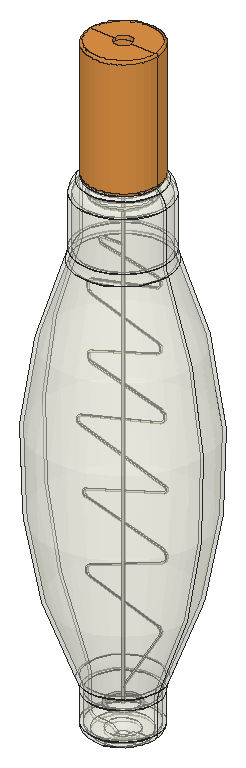
Revit family "LGB7", category Lighting Fixtures, Revit 2024
Family settings
  Round Connector Dimension = Use Diameter
  Part Type = Normal
  OmniClass Number = 23.80.70.00
  OmniClass Title = Lighting
  Work Plane-Based = No
  Always vertical = Yes
  Cut with Voids When Loaded = No
  Light Source = No
  Maintain Annotation Orientation = No
  Shared = No
  Room Calculation Point = No
Parameters
  Default Elevation = 0' - 0"
Reference planes (in)
  plane 1 "Light Source Axis (F/B)": y = 0
  plane 2: z = 0
  plane 3 "Light Source Axis (L/R)": x = 0
  plane 4 "Light Source Elevation": z = 54
Forms (in)
  Revolve 1, solid, material "79"
    sketch origin (0, 0, 4.25) x (1, 0, 0) y (0, 0, 1)
      loop
        arc (-0.9375, 68) -> (-0.98169, 67.98169) -> (-1, 67.9375) r 0.0625
        line (-1, 67.9375) -> (-1, 64.5625)
        arc (-1, 64.5625) -> (-0.98169, 64.51831) -> (-0.9375, 64.5) r 0.0625
        line (-0.9375, 64.5) -> (-0.90625, 64.5) -> (-0.90625, 67.90625) -> (-0.25, 67.90625) -> (-0.25, 68) -> (-0.9375, 68)
      axis (0, 68) -> (0, 64.5)
    angle from 0 to 360
  Revolve 2, solid, material "GENEVA BULB"
    sketch origin (0, 0, 4.25) x (1, 0, 0) y (0, 0, 1)
      loop
        line (-0.88048, 64.5) -> (-0.9375, 64.5)
        arc (-0.9375, 64.5) -> (-0.96142, 64.49524) -> (-0.98169, 64.48169) r 0.0625
        line (-0.98169, 64.48169) -> (-1.08623, 64.39142)
        arc (-1.08623, 64.39142) -> (-1.20965, 64.23051) -> (-1.25901, 64.03381) r 0.5
        line (-1.25901, 64.03381) -> (-1.25901, 62.6035)
        arc (-1.25901, 62.6035) -> (-1.2741, 62.4538) -> (-1.31877, 62.31012) r 0.75
        arc (-1.31877, 62.31012) -> (-2.37166, 56.82732) -> (-1.07363, 51.39733) r 13.25521
        arc (-1.07363, 51.39733) -> (-1.01864, 51.23942) -> (-1, 51.07325) r 0.75
        line (-1, 51.07325) -> (-1, 50.25)
        arc (-1, 50.25) -> (-0.92678, 50.07322) -> (-0.75, 50) r 0.25
        line (-0.75, 50) -> (-0.43301, 50)
        arc (-0.43301, 50) -> (-0.30801, 49.96651) -> (-0.21651, 49.875) r 0.25
        arc (-0.21651, 49.875) -> (-0.125, 49.78349) -> (0, 49.75) r 0.25
        line (0, 49.75) -> (0, 49.84375)
        arc (0, 49.84375) -> (-0.07812, 49.86468) -> (-0.13532, 49.92187) r 0.15625
        arc (-0.13532, 49.92187) -> (-0.26114, 50.0477) -> (-0.43301, 50.09375) r 0.34375
        line (-0.43301, 50.09375) -> (-0.75, 50.09375)
        arc (-0.75, 50.09375) -> (-0.86049, 50.13951) -> (-0.90625, 50.25) r 0.15625
        line (-0.90625, 50.25) -> (-0.90625, 51.07325)
        arc (-0.90625, 51.07325) -> (-0.92722, 51.26019) -> (-0.98909, 51.43784) r 0.84375
        arc (-0.98909, 51.43784) -> (-2.27793, 56.82942) -> (-1.23249, 62.27345) r 13.16146
        arc (-1.23249, 62.27345) -> (-1.18224, 62.43508) -> (-1.16526, 62.6035) r 0.84375
        line (-1.16526, 62.6035) -> (-1.16526, 64.03175)
        arc (-1.16526, 64.03175) -> (-1.12483, 64.19055) -> (-1.02496, 64.32047) r 0.40625
        line (-1.02496, 64.32047) -> (-0.92562, 64.40625) -> (-0.78673, 64.40625) -> (-0.78673, 65.93591) -> (-0.88048, 65.93591) -> (-0.88048, 64.5)
      axis (0, 65.93591) -> (0, 49.75)
    angle from 0 to 360
  Revolve 3, solid, material "INTERNAL"
    sketch origin (0, 0, 4.25) x (1, 0, 0) y (0, 0, 1)
      loop
        circle (-0.81943, 64.07284) r 0.03201
      loop
        circle (-0.44259, 50.74284) r 0.03201
      loop
        line (-0.03125, 64.22167) -> (-0.03125, 50.74181) -> (0, 50.74181) -> (0, 64.22167) -> (-0.03125, 64.22167)
      axis (0, 64.22167) -> (0, 50.74181)
    angle from 0 to 360
  Sweep 4, solid, material "INTERNAL"
    path origin (0, 0, 4.25) x (1, 0, 0) y (0, 0, 1)
      loop
        line (-0.25, 64.5) -> (-0.25, 64.22199) -> (0.25, 64.22199) -> (0.25, 64.5)
    profile origin (-0.25, 0, 68.611) x (0, -1, 0) y (1, 0, 0)
      loop
        circle (0, 0) r 0.0312
  Extrusion 5, solid, material "LIGHT"
    sketch origin (0, 0, 4.25) x (1, 0, 0) y (0, 0, 1)
      loop
        line (-0.03125, 62.67154) -> (-0.03125, 62.70279) -> (-0.58206, 62.70279)
        arc (-0.58206, 62.70279) -> (-0.6944, 62.60075) -> (-0.6036, 62.47914) r 0.11286
        line (-0.6036, 62.47914) -> (0.9749, 62.17231)
        arc (0.9749, 62.17231) -> (1.07916, 62.04806) -> (0.9793, 61.92024) r 0.12887
        line (0.9793, 61.92024) -> (-0.88609, 61.48958)
        arc (-0.88609, 61.48958) -> (-1.05815, 61.28171) -> (-0.90277, 61.06109) r 0.22221
        line (-0.90277, 61.06109) -> (0.99133, 60.46544)
        arc (0.99133, 60.46544) -> (1.0886, 60.33234) -> (0.99027, 60.20001) r 0.13895
        line (0.99027, 60.20001) -> (-0.89784, 59.62276)
        arc (-0.89784, 59.62276) -> (-1.02831, 59.44318) -> (-0.89165, 59.26827) r 0.18442
        line (-0.89165, 59.26827) -> (1.09042, 58.73717)
        arc (1.09042, 58.73717) -> (1.20274, 58.59081) -> (1.09042, 58.44444) r 0.15153
        line (1.09042, 58.44444) -> (-1.2336, 57.82172)
        arc (-1.2336, 57.82172) -> (-1.34398, 57.68044) -> (-1.2386, 57.5354) r 0.14895
        line (-1.2386, 57.5354) -> (1.20361, 56.78874)
        arc (1.20361, 56.78874) -> (1.25407, 56.72055) -> (1.20361, 56.65236) r 0.07131
        line (1.20361, 56.65236) -> (-1.0852, 55.9526)
        arc (-1.0852, 55.9526) -> (-1.17129, 55.83411) -> (-1.08111, 55.71869) r 0.12169
        line (-1.08111, 55.71869) -> (1.09421, 55.13581) -> (1.12514, 55.12753)
        arc (1.12514, 55.12753) -> (1.24942, 54.97405) -> (1.14186, 54.80843) r 0.16799
        line (1.14186, 54.80843) -> (-0.98022, 53.99384)
        arc (-0.98022, 53.99384) -> (-1.08909, 53.82935) -> (-0.96901, 53.67285) r 0.16985
        line (-0.96901, 53.67285) -> (1.00712, 53.06868)
        arc (1.00712, 53.06868) -> (1.08461, 52.99579) -> (1.07395, 52.88993) r 0.12027
        line (1.07395, 52.88993) -> (0.00844, 51.18476) -> (0.03494, 51.1682) -> (1.10045, 52.87337)
        arc (1.10045, 52.87337) -> (1.11388, 53.00673) -> (1.01625, 53.09857) r 0.15152
        line (1.01625, 53.09857) -> (-0.95987, 53.70273)
        arc (-0.95987, 53.70273) -> (-1.05786, 53.83044) -> (-0.96902, 53.96467) r 0.1386
        line (-0.96902, 53.96467) -> (1.15306, 54.77926)
        arc (1.15306, 54.77926) -> (1.28063, 54.97569) -> (1.13323, 55.15771) r 0.19924
        line (1.13323, 55.15771) -> (-1.07302, 55.74887)
        arc (-1.07302, 55.74887) -> (-1.14004, 55.83465) -> (-1.07606, 55.92272) r 0.09044
        line (-1.07606, 55.92272) -> (1.21274, 56.62247)
        arc (1.21274, 56.62247) -> (1.28532, 56.72055) -> (1.21274, 56.81863) r 0.10256
        line (1.21274, 56.81863) -> (-1.22946, 57.56529)
        arc (-1.22946, 57.56529) -> (-1.31273, 57.6799) -> (-1.22551, 57.79153) r 0.1177
        line (-1.22551, 57.79153) -> (1.09851, 58.41425)
        arc (1.09851, 58.41425) -> (1.23399, 58.59081) -> (1.09851, 58.76736) r 0.18278
        line (1.09851, 58.76736) -> (-0.88357, 59.29845)
        arc (-0.88357, 59.29845) -> (-0.99707, 59.44373) -> (-0.8887, 59.59287) r 0.15317
        line (-0.8887, 59.59287) -> (0.99941, 60.17013)
        arc (0.99941, 60.17013) -> (1.11985, 60.33221) -> (1.00071, 60.49525) r 0.1702
        line (1.00071, 60.49525) -> (-0.89339, 61.0909)
        arc (-0.89339, 61.0909) -> (-1.02692, 61.28049) -> (-0.87906, 61.45913) r 0.19096
        line (-0.87906, 61.45913) -> (0.98633, 61.88979)
        arc (0.98633, 61.88979) -> (1.11041, 62.0486) -> (0.98086, 62.20299) r 0.16012
        line (0.98086, 62.20299) -> (-0.59763, 62.50982)
        arc (-0.59763, 62.50982) -> (-0.6633, 62.59775) -> (-0.58206, 62.67154) r 0.08161
        line (-0.58206, 62.67154) -> (-0.03125, 62.67154)
    from 0.01562 to -0.01562
Dimensions and locks (in)
  aligned and locked: level to plane 2
